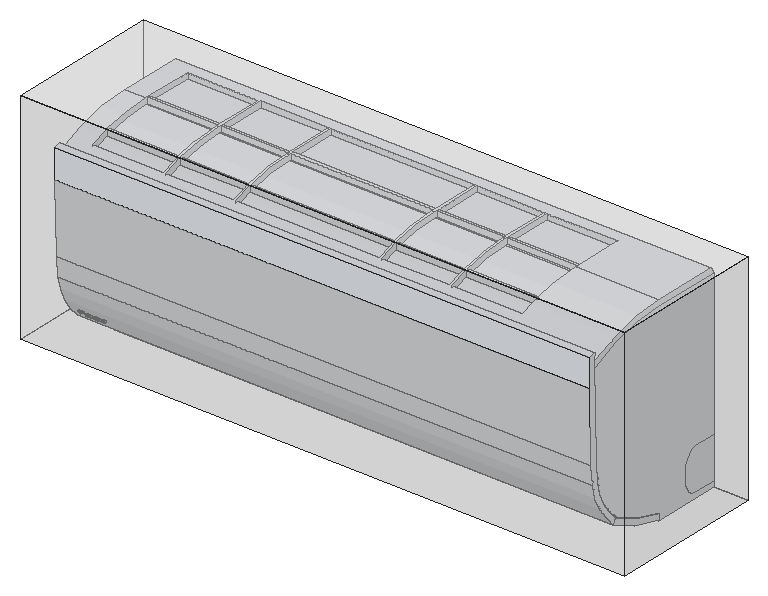
Revit family "outputfile", category 機械設備, Revit 2024
Family settings
  丸型コネクタ寸法 = 半径を使用
  パーツ タイプ = 標準
  OmniClass 番号 = 23.75.10.24.21.27.27
  OmniClass タイトル = Split System Air Conditioning Units
  作業面ベース = いいえ
  常に垂直 = はい
  ロード時にボイドで切り取り = いいえ
  注釈の向きを維持 = いいえ
  共有 = いいえ
  部屋計算ポイント = いいえ
Parameters (values of type "FTKQ50TVM")
  Description = ""
  書き出し IFC クラス(タイプ) = "IfcUnitaryEquipmentType"
  定義済み IFC タイプ(タイプ) = "AIRCONDITIONINGUNIT"
  Cost = 0
  Type Comments = ""
  Keynote = ""
  Type Image = (empty or 0)
  Assembly Code = ""
  w_wall hole = if(Width = 770.0 mm, 48.0 mm, 60.0 mm)  # 48.0 mm
  製造元 = "Daikin"
  モデル = "FTKQ50TVM"
  switch_frequency = yes
  r_Liquid Pipe Size = Liquid Pipe Size / 2  # 3.2 mm
  r_Gas Pipe Size = Gas Pipe Size / 2  # 6.35 mm
  r_Drain Pipe Size = Drain Pipe Size / 2  # 8.0 mm
  lw_powersupply [instance] = if(Width = 770.0 mm, if(or(Rear Right Connection_refrigerant, Bottom Right Connection_refrigerant), 25.0 mm, if(or(Rear Left Connection_refrigerant, Bottom Left Connection_refrigerant), 745.0 mm, 400.0 mm)), if(Width = 990.0 mm, if(or(Rear Right Connection_refrigerant, Bottom Right Connection_refrigerant), 40.0 mm, if(or(Rear Left Connection_refrigerant, Bottom Left Connection_refrigerant), 920.0 mm, 400.0 mm)), if(or(Rear Right Connection_refrigerant, Bottom Right Connection_refrigerant), 40.0 mm, if(or(Rear Left Connection_refrigerant, Bottom Left Connection_refrigerant), 920.0 mm, 400.0 mm))))  # 400.0 mm
  lw_liquidpipe [instance] = if(Width = 770.0 mm, if(or(Rear Right Connection_refrigerant, Bottom Right Connection_refrigerant), 0.0 mm, if(or(Rear Left Connection_refrigerant, Bottom Left Connection_refrigerant), 664.0 mm, 385.0 mm)), if(Width = 990.0 mm, if(or(Rear Right Connection_refrigerant, Bottom Right Connection_refrigerant), 0.0 mm, if(or(Rear Left Connection_refrigerant, Bottom Left Connection_refrigerant), 664.0 mm + (990.0 mm - 770.0 mm), 475.0 mm)), if(or(Rear Right Connection_refrigerant, Bottom Right Connection_refrigerant), 0.0 mm, if(or(Rear Left Connection_refrigerant, Bottom Left Connection_refrigerant), 664.0 mm + (990.0 mm - 770.0 mm), 475.0 mm))))  # 385.0 mm
  lw_gaspipe [instance] = if(Width = 770.0 mm, if(or(Rear Right Connection_refrigerant, Bottom Right Connection_refrigerant), 0.0 mm, if(or(Rear Left Connection_refrigerant, Bottom Left Connection_refrigerant), 675.0 mm, if(Gas Pipe Size = 12.7 mm, 345.0 mm, 335.0 mm))), if(Width = 990.0 mm, if(or(Rear Right Connection_refrigerant, Bottom Right Connection_refrigerant), 10.0 mm, if(or(Rear Left Connection_refrigerant, Bottom Left Connection_refrigerant), 890.0 mm, if(Gas Pipe Size = 15.9 mm, 410.0 mm, 400.0 mm))), if(or(Rear Right Connection_refrigerant, Bottom Right Connection_refrigerant), 10.0 mm, if(or(Rear Left Connection_refrigerant, Bottom Left Connection_refrigerant), 890.0 mm, if(Gas Pipe Size = 15.9 mm, 410.0 mm, 400.0 mm)))))  # 345.0 mm
  lw_drainpipe [instance] = if(Width = 770.0 mm, if(or(Rear Right Connection_refrigerant, Bottom Right Connection_refrigerant), 0.0 mm, if(or(Rear Left Connection_refrigerant, Bottom Left Connection_refrigerant), 770.0 mm - 48.0 mm - 48.0 mm, 440.0 mm)), if(Width = 990.0 mm, if(or(Rear Right Connection_refrigerant, Bottom Right Connection_refrigerant), 0.0 mm, if(or(Rear Left Connection_refrigerant, Bottom Left Connection_refrigerant), 675.0 mm + (990.0 mm - 770.0 mm), 435.0 mm)), if(or(Rear Right Connection_refrigerant, Bottom Right Connection_refrigerant), 0.0 mm, if(or(Rear Left Connection_refrigerant, Bottom Left Connection_refrigerant), 675.0 mm + (990.0 mm - 770.0 mm), 435.0 mm))))  # 440.0 mm
  l_powersupply_length [instance] = if(Width = 770.0 mm, if(Right Connection_refrigerant, 400.0 mm, if(Left Connection_refrigerant, 770.0 mm - 400.0 mm, if(or(Rear Left Connection_refrigerant, Rear Right Connection_refrigerant), 15.0 mm, 40.0 mm))), if(Width = 990.0 mm, if(Right Connection_refrigerant, 400.0 mm, if(Left Connection_refrigerant, 990.0 mm - 400.0 mm, if(or(Rear Left Connection_refrigerant, Rear Right Connection_refrigerant), 15.0 mm, 40.0 mm))), if(Right Connection_refrigerant, 400.0 mm, if(Left Connection_refrigerant, 990.0 mm - 400.0 mm, if(or(Rear Left Connection_refrigerant, Rear Right Connection_refrigerant), 15.0 mm, 40.0 mm)))))  # 400.0 mm
  l_liquidpipe_length [instance] = if(Width = 770.0 mm, if(Right Connection_refrigerant, 433.0 mm, if(Left Connection_refrigerant, 337.0 mm, if(or(Rear Left Connection_refrigerant, Rear Right Connection_refrigerant), 30.0 mm, 50.0 mm))), if(Width = 990.0 mm, if(Right Connection_refrigerant, 535.0 mm, if(Left Connection_refrigerant, 455.0 mm, if(or(Rear Left Connection_refrigerant, Rear Right Connection_refrigerant), 30.0 mm, 50.0 mm))), if(Right Connection_refrigerant, 535.0 mm, if(Left Connection_refrigerant, 455.0 mm, if(or(Rear Left Connection_refrigerant, Rear Right Connection_refrigerant), 30.0 mm, 50.0 mm)))))  # 433.0 mm
  l_gaspipe_length [instance] = if(Width = 770.0 mm, if(Right Connection_refrigerant, if(Gas Pipe Size = 12.7 mm, 393.0 mm, 383.0 mm), if(Left Connection_refrigerant, if(Gas Pipe Size = 12.7 mm, 770.0 mm - 393.0 mm, 770.0 mm - 383.0 mm), if(or(Rear Left Connection_refrigerant, Rear Right Connection_refrigerant), 40.0 mm, 40.0 mm))), if(Width = 990.0 mm, if(Right Connection_refrigerant, if(Gas Pipe Size = 15.9 mm, 470.0 mm, 460.0 mm), if(Left Connection_refrigerant, if(Gas Pipe Size = 15.9 mm, 990.0 mm - 470.0 mm, 990.0 mm - 460.0 mm), if(or(Rear Left Connection_refrigerant, Rear Right Connection_refrigerant), 40.0 mm, 40.0 mm))), if(Right Connection_refrigerant, if(Gas Pipe Size = 15.9 mm, 460.0 mm, 460.0 mm), if(Left Connection_refrigerant, if(Gas Pipe Size = 15.9 mm, 990.0 mm - 460.0 mm, 990.0 mm - 460.0 mm), if(or(Rear Left Connection_refrigerant, Rear Right Connection_refrigerant), 40.0 mm, 40.0 mm)))))  # 393.0 mm
  l_drainpipe_length [instance] = if(Width = 770.0 mm, if(Right Connection_refrigerant, 488.0 mm, if(Left Connection_refrigerant, 282.0 mm, if(or(Rear Left Connection_refrigerant, Rear Right Connection_refrigerant), 15.0 mm, 20.0 mm))), if(Width = 990.0 mm, if(Right Connection_refrigerant, 495.0 mm, if(Left Connection_refrigerant, 495.0 mm, if(or(Rear Left Connection_refrigerant, Rear Right Connection_refrigerant), 15.0 mm, 20.0 mm))), if(Right Connection_refrigerant, 495.0 mm, if(Left Connection_refrigerant, 495.0 mm, if(or(Rear Left Connection_refrigerant, Rear Right Connection_refrigerant), 15.0 mm, 20.0 mm)))))  # 488.0 mm
  h*** = 0.0 mm  # constant formula
  connector_voltage = Voltage_50Hz  # 230 V
  connector_powerinput = [Power Input (Cooling)]  # 1.730 kW
  connector_phase = Phase_50Hz  # 1
  angle_vertical [instance] = if(or(Bottom Left Connection_refrigerant, Bottom Right Connection_refrigerant), 0.00°, 90.00°)  # 90.00°
  angle_horizontal [instance] = if(Right Connection_refrigerant, 90.00°, if(Left Connection_refrigerant, -90.00°, if(or(Rear Left Connection_refrigerant, Rear Right Connection_refrigerant), 180.00°, 0.00°)))  # 90.00°
  Width = 770.0 mm
  Voltage_comment_60Hz = "220-230"
  Voltage_comment_50Hz = "220 - 240"
  Voltage_60Hz = 220 V
  Voltage_50Hz = 230 V
  Version = "ver.1.0"
  Unit Type = "Wall Mounted"
  Unit Mass Weight = 8.00 kg
  Unit Designation [instance] = ""
  Uniclass2015Version = "Products v1.30"
  Uniclass2015Title = "Split coil room air conditioning units"
  Uniclass2015Code = "Pr_70_65_03_86"
  URL = ""
  Total Cooling Capacity [instance] = 0.000 kW
  Sound Pressure Level_M speed (dBA) = 40
  Sound Pressure Level_L speed (dBA) = 35
  Sound Pressure Level_H speed (dBA) = 44
  Sound Power Level_H speed (dB) = 0
  Series = "Single Split_Fan Coil Unit"
  Sensible Cooling Capacity [instance] = 0.000 kW
  Refrigerant Type = "R32"
  Power Input (Cooling) = 1.730 kW
  Phase_60Hz = 1
  Phase_50Hz = 1
  Option Accessory 3 [instance] = ""
  Option Accessory 2 [instance] = ""
  Option Accessory 1 [instance] = ""
  Nominal Cooling Capacity = 5.000 kW
  Minimum Circuit Amps_60Hz = 0.0 A
  Minimum Circuit Amps_50Hz = 0.0 A
  Minimum Airflow = 534.00 m³/h
  Median Airflow = 648.00 m³/h
  Maximum Fuse Amps_60Hz = 0.0 A
  Maximum Fuse Amps_50Hz = 0.0 A
  Maximum Airflow = 762.00 m³/h
  Material_Casing = DAIKIN_ShinyWhite_Casing_indoorunit
  Load Classification = HVAC
  Liquid Pipe Size = 6.4 mm
  Link_Nested Family [instance] = ""
  IfcVersion = ""
  IfcExportType = "AIRCONDITIONINGUNIT"
  IfcExportAs = "IfcUnitaryEquipmentType"
  Height = 285.0 mm
  Heat Exchanger Type = "Cross Fin Coil"
  Gas Pipe Size = 12.7 mm
  Frequency_60Hz = 60 Hz
  Frequency_50Hz = 50 Hz
  Fan Type = "Cross Flow Fan"
  Fan Drive = "-"
  FCU Tag No. [instance] = ""
  Drain Pipe Size = 16.0 mm
  Design Supply Airflow [instance] = 0.00 m³/h
  Depth = 223.0 mm
  既定の高さ = 0.0 mm
  Cooling Entering Wet Bulb Temperature [instance] = 0.00 °C
  Cooling Entering Dry Bulb Temperature [instance] = 0.00 °C
  Cooling Ambient Wet Bulb Temperature [instance] = 0.00 °C
  Cooling Ambient Dry Bulb Temperature [instance] = 0.00 °C
  Clearance visibility [instance] = yes
  Clearance Top = 30.0 mm
  Clearance Right = 50.0 mm
  Clearance Rear = 0.0 mm
  Clearance Left = 50.0 mm
  Clearance Front = 0.0 mm
  Clearance Bottom = 0.0 mm
  Bottom Right Connection_refrigerant [instance] = no
  Bottom Left Connection_refrigerant [instance] = no
  Rear Right Connection_refrigerant [instance] = no
  Rear Left Connection_refrigerant [instance] = no
  Right Connection_refrigerant [instance] = yes
  Left Connection_refrigerant [instance] = no
Reference planes
  plane 1 "Back": y = 0
  plane 2: z = 0
  plane 3 "Center (Left/Right)": x = 0
  plane 4 "Center (Front/Back)": y = -111.5
  plane 5 "Front": y = -223
  plane 6 "Left": x = -385
  plane 7 "Right": x = 385
  plane 8 "Top": z = 0
  plane 9 "Bottom": z = -285
  plane 10: x = -435
  plane 11: x = 435
  plane 12: y = 0
  plane 13: y = -223
  plane 14: z = 30
  plane 15: z = -285
  plane 16 "lw_Piping and Wiring intake": x = 337
  plane 17 "lw_gaspipe": x = -8
  plane 18 "lw_liquidpipe": x = -48
  plane 19 "lw_drainpipe": x = -103
  plane 20 "lh_drainpipe": z = -265
  plane 21 "lh_liquidpipe": z = -235
  plane 22 "lh_gaspipe": z = -245
  plane 23 "ld_drainpipe": y = -15
  plane 24 "ld_liquidpipe": y = -30
  plane 25 "ld_gaspipe": y = -40
  plane 26 "lw_powersupply": x = -15
Dimensions and locks
  equal spacing: plane 6 "Left", plane 3 "Center (Left/Right)", plane 7 "Right"
  "Width": plane 6 "Left" to plane 7 "Right"
  equal spacing: plane 5 "Front", plane 4 "Center (Front/Back)", plane 1 "Back"
  "Depth": plane 5 "Front" to plane 1 "Back"
  "Height": plane 8 "Top" to plane 9 "Bottom"
  "Clearance Rear": plane 12 to plane 1 "Back"
  "Clearance Front": plane 13 to plane 5 "Front"
  "Clearance Top": plane 14 to plane 8 "Top"
  "Clearance Bottom": plane 9 "Bottom" to plane 15
  "w_wall hole": plane 16 "lw_Piping and Wiring intake" to plane 7 "Right"
  "lw_gaspipe": plane 17 "lw_gaspipe" to plane 16 "lw_Piping and Wiring intake"
  "lw_liquidpipe": plane 18 "lw_liquidpipe" to plane 16 "lw_Piping and Wiring intake"
  "lw_drainpipe": plane 19 "lw_drainpipe" to plane 16 "lw_Piping and Wiring intake"
  locked: plane 20 "lh_drainpipe" to plane 9 "Bottom" at 20
  locked: plane 21 "lh_liquidpipe" to plane 9 "Bottom" at 50
  locked: plane 22 "lh_gaspipe" to plane 9 "Bottom" at 40
  locked: plane 23 "ld_drainpipe" to plane 1 "Back" at 15
  locked: plane 1 "Back" to plane 24 "ld_liquidpipe" at 30
  locked: plane 1 "Back" to plane 25 "ld_gaspipe" at 40
  "lw_powersupply": plane 26 "lw_powersupply" to plane 7 "Right"
  "Clearance Left": plane 10 to plane 6 "Left"
  "Clearance Right": plane 7 "Right" to plane 11
  aligned and locked: level to plane 2
  aligned and locked: plane 12 to nested 1
  aligned and locked: nested 1 to plane 13
  aligned and locked: plane 10 to nested 1
  aligned and locked: plane 11 to nested 1
  aligned and locked: plane 15 to nested 1
  aligned and locked: plane 14 to nested 1
  aligned and locked: plane 17 "lw_gaspipe" to nested 2
  aligned and locked: nested 2 to plane 25 "ld_gaspipe"
  aligned and locked: plane 18 "lw_liquidpipe" to nested 3
  aligned and locked: nested 3 to plane 24 "ld_liquidpipe"
  aligned and locked: plane 19 "lw_drainpipe" to nested 4
  aligned and locked: nested 4 to plane 23 "ld_drainpipe"
  aligned and locked: nested 5 to plane 23 "ld_drainpipe"
  aligned and locked: plane 26 "lw_powersupply" to nested 5
  aligned and locked: level to plane 8 "Top"
  aligned and locked: plane 3 "Center (Left/Right)" to nested 6
  aligned and locked: plane 1 "Back" to nested 6
  aligned and locked: plane 8 "Top" to nested 6
Nested families
  nested 1: "daikin_clearancespace" at (0, -111.5, -127.381), show <- "Clearance visibility", visible <- "Clearance visibility", Link_Nested Family <- "Link_Nested Family", type "daikin_clearancespace"
    with width 870.0 mm, show yes, height 315.0 mm, depth 223.0 mm, Link_Nested Family ""
  nested 2: "daikin_connector_rotate3" at (-8, -40, -245), angle_vertical <- "angle_vertical", angle_horizontal <- "angle_horizontal", length <- "l_gaspipe_length", radius <- "r_Gas Pipe Size", type "daikin_connector_rotate3"
    with show no, radius 6.35 mm, length 393.0 mm, angle_vertical 90.00°, angle_horizontal 90.00°
  nested 3: "daikin_connector_rotate3" at (-48, -30, -235), angle_vertical <- "angle_vertical", angle_horizontal <- "angle_horizontal", radius <- "r_Liquid Pipe Size", length <- "l_liquidpipe_length", type "daikin_connector_rotate3"
    with show no, radius 3.2 mm, length 433.0 mm, angle_vertical 90.00°, angle_horizontal 90.00°
  nested 4: "daikin_connector_rotate3" at (-103, -15, -265), angle_vertical <- "angle_vertical", angle_horizontal <- "angle_horizontal", length <- "l_drainpipe_length", radius <- "r_Drain Pipe Size", type "daikin_connector_rotate3"
    with show no, radius 8.0 mm, length 488.0 mm, angle_vertical 90.00°, angle_horizontal 90.00°
  nested 5: "daikin_connector_rotate3" at (-15, -15, -245), angle_vertical <- "angle_vertical", angle_horizontal <- "angle_horizontal", length <- "l_powersupply_length", type "daikin_connector_rotate3"
    with show no, radius 10.0 mm, length 400.0 mm, angle_vertical 90.00°, angle_horizontal 90.00°
  nested 6: "DAIKIN_indoorunit_FTKQ-TVM" at (-31, 0, 0), type "FTKQ-TVM"
    with Width=990 no, Width=770 yes, Width 770.0 mm, WALL HOLE-R 48.0 mm, WALL HOLE Size 65.0 mm, Height 285.0 mm
Connectors
  piping at (385, -40, -245), diameter 12.7, driven by "r_Gas Pipe Size"
    settings: on nested 2, index 1, connector inside diameter 609.6 mm, connector length 0.0 mm, flow factor 0, pipe flow 0.00 m³/h, pressure drop 0.0 Pa, fitting loss kfactor 0, connector angle 0.00°, fixture units 0, engagement length 0.0 mm, angle of deflection 0.00°, flow configuration 1, flow direction 2, fitting loss method 0, system type 29, joint type 0, gender type 0, connector reference index -1, connector utility 0, adjustable connector no, is connector primary yes, connector description "Refrigerant Gas Piping"
  piping at (385, -30, -235), diameter 6.4, driven by "r_Liquid Pipe Size"
    settings: on nested 3, index 2, connector inside diameter 609.6 mm, connector length 0.0 mm, flow factor 0, pipe flow 0.00 m³/h, pressure drop 0.0 Pa, fitting loss kfactor 0, connector angle 0.00°, fixture units 0, engagement length 0.0 mm, angle of deflection 0.00°, flow configuration 1, flow direction 1, fitting loss method 0, system type 29, joint type 0, gender type 0, connector reference index -1, connector utility 0, adjustable connector no, is connector primary no, connector description "Refrigerant Liquid Piping"
  piping at (385, -15, -265), diameter 16, driven by "r_Drain Pipe Size"
    settings: on nested 4, index 3, connector inside diameter 609.6 mm, connector length 0.0 mm, flow factor 0, pipe flow 0.00 m³/h, pressure drop 0.0 Pa, fitting loss kfactor 0, connector angle 0.00°, fixture units 0, engagement length 0.0 mm, angle of deflection 0.00°, flow configuration 1, flow direction 2, fitting loss method 4, system type 16, joint type 0, gender type 0, connector reference index -1, connector utility 0, adjustable connector no, is connector primary no, connector description "Condensate Drain Piping"
  electrical at (385, -15, -245), driven by "Load Classification", driven by "connector_voltage", driven by "connector_phase", driven by "connector_powerinput"
    settings: on nested 5, index 4, voltage 230 V, apparent load 1730 VA, apparent load phase1 0 VA, apparent load phase2 0 VA, apparent load phase3 0 VA, power factor 1, load classification "HVAC", number of poles 1, system type 30, power factor state 1, is connector primary yes, connector utility no, sub classification motor no, connector description "Power Supply"
Definition of nested family "daikin_clearancespace"
  Parameters (values of type "daikin_clearancespace")
    Description = "daikin_clearancespace"
    width [instance] = 1823.963 mm
    show [instance] = yes
    material = none
    height [instance] = 1359.762 mm
    depth [instance] = 880.0 mm
    Default Elevation = 0.0 mm
    Link_Nested Family [instance] = ""
  Reference planes
    plane 1 "Center (Front/Back)": y = 0
    plane 2 "Center (Elevation)": z = -0.119
    plane 3 "Center (Left/Right)": x = 0
    plane 4: y = 440
    plane 5: y = -440
    plane 6 "Right": x = 911.982
    plane 7 "Left": x = -911.982
    plane 8 "Top": z = 679.762
    plane 9 "Bottom": z = -680
  Forms (mm)
    Extrusion 1, solid, material <- "material", visible <- "show"
      sketch origin (0, 0, 0) x (1, 0, 0) y (0, 1, 0)
        loop
          line (-911.982, 440) -> (-911.982, -440) -> (911.982, -440) -> (911.982, 440) -> (-911.982, 440)
      from -680 to 679.762
  Lines and regions (mm)
    symbolic lines, visible <- "show"
      curve 1: line (911.982, 440, 0) -> (-911.982, 440, 0)
      curve 2: line (-911.982, 440, 0) -> (-911.982, -440, 0)
      curve 3: line (-911.982, -440, 0) -> (911.982, -440, 0)
      curve 4: line (911.982, -440, 0) -> (911.982, 440, 0)
      curve 5: line (911.982, 0, 679.762) -> (-911.982, 0, 679.762)
      curve 6: line (911.982, 0, -680) -> (911.982, 0, 679.762)
      curve 7: line (-911.982, 0, -680) -> (911.982, 0, -680)
      curve 8: line (-911.982, 0, 679.762) -> (-911.982, 0, -680)
      curve 9: line (0, 440, 679.762) -> (0, -440, 679.762)
      curve 10: line (0, -440, 679.762) -> (0, -440, -680)
      curve 11: line (0, 440, -680) -> (0, 440, 679.762)
      curve 12: line (0, -440, -680) -> (0, 440, -680)
  Dimensions and locks
    "width": plane 7 "Left" to plane 6 "Right"
    "depth": plane 4 to plane 5
    "height": plane 8 "Top" to plane 9 "Bottom"
    equal spacing: plane 7 "Left", plane 3 "Center (Left/Right)", plane 6 "Right"
    equal spacing: plane 4, plane 1 "Center (Front/Back)", plane 5
    equal spacing: plane 8 "Top", plane 2 "Center (Elevation)", plane 9 "Bottom"
    aligned and locked: level to plane 2 "Center (Elevation)"
    aligned and locked: Extrusion 1 sketch curve to plane 4
    aligned and locked: plane 7 "Left" to Extrusion 1 sketch curve
    aligned and locked: Extrusion 1 sketch curve to plane 5
    aligned and locked: Extrusion 1 sketch curve to plane 6 "Right"
    aligned and locked: plane 8 "Top" to Extrusion 1
    aligned and locked: curve 1 to Extrusion 1
    aligned and locked: curve 2 to Extrusion 1
    aligned and locked: curve 3 to Extrusion 1
    aligned and locked: curve 4 to Extrusion 1
    aligned and locked: curve 5 to Extrusion 1
    aligned and locked: curve 6 to Extrusion 1
    aligned and locked: curve 7 to Extrusion 1
    aligned and locked: curve 8 to Extrusion 1
    aligned and locked: curve 9 to Extrusion 1
    aligned and locked: curve 10 to Extrusion 1
    aligned and locked: curve 11 to Extrusion 1
    aligned and locked: curve 12 to Extrusion 1
    aligned and locked: Extrusion 1 to plane 9 "Bottom"
Definition of nested family "DAIKIN_indoorunit_FTKQ-TVM"
  Parameters (values of type "FTKF-TVMA")
    Width=990 = Width = 990.0 mm  # yes
    Width=770 = Width = 770.0 mm  # no
    Width = 990.0 mm
    WALL HOLE-R = if(Width = 770.0 mm, 48.0 mm, 60.0 mm)  # 60.0 mm
    WALL HOLE Size = if(Width = 770.0 mm, 65.0 mm, 80.0 mm)  # 80.0 mm
    Material_Casing = none
    Height = if(Width = 770.0 mm, 285.0 mm, 295.0 mm)  # 295.0 mm
    Default Elevation = 0.0 mm
  Reference planes
    plane 1 "Center (Front/Back)": y = 0
    plane 2 "reference_level": z = 0
    plane 3 "Center (Left/Right)": x = 31
    plane 4: x = -464
    plane 5: x = 526
    plane 6: z = -295
  Forms (mm)
    Extrusion 1, solid, material <- "Material_Casing", visible <- "Width=770"
      sketch origin (29, 0, 0) x (0, 1, 0) y (0, 0, 1)
        loop
          line (-5, 0) -> (-98, 0)
          arc (-98, 0) -> (-157.611, -7.211) -> (-213.783, -28.427) r 250
          arc (-213.783, -28.427) -> (-213.842, -32.972) -> (-213.892, -37.516) r 2191
          arc (-213.892, -37.516) -> (-157.832, -15.495) -> (-98.07, -8) r 242
          line (-98.07, -8) -> (0, -8) -> (-5, 0)
      from -383 to 387
    Extrusion 2, solid, material <- "Material_Casing", visible <- "Width=770"
      sketch origin (416, 1296.25, 1200) x (0, 1, 0) y (0, 0, 1)
        loop
          line (-1472.998, -1446.91) -> (-1476.998, -1453.839)
          arc (-1476.998, -1453.839) -> (-1437.481, -1472.422) -> (-1395.25, -1483.538) r 240
          line (-1395.25, -1483.538) -> (-1395.25, -1475.422)
          arc (-1395.25, -1475.422) -> (-1435.407, -1464.663) -> (-1472.998, -1446.91) r 232
      from 0 to -47.5
    Extrusion 3, solid, material <- "Material_Casing", visible <- "Width=770"
      sketch origin (29, 0, 0) x (0, 1, 0) y (0, 0, 1)
        loop
          arc (-223, -60.455) -> (-222.414, -110.646) -> (-220.656, -160.81) r 2149.92
          arc (-220.656, -160.81) -> (-219.65, -174.299) -> (-217.853, -187.706) r 229.911
          arc (-217.853, -187.706) -> (-205.371, -223.594) -> (-181.517, -253.17) r 111
          line (-181.517, -253.17) -> (-177.429, -246.093)
          arc (-177.429, -246.093) -> (-198.77, -218.989) -> (-209.965, -186.36) r 103
          arc (-209.965, -186.36) -> (-211.681, -173.586) -> (-212.651, -160.735) r 221.844
          arc (-212.651, -160.735) -> (-214.739, -93.233) -> (-214.74, -25.699) r 2186.828
          arc (-214.74, -25.699) -> (-214.671, -21.467) -> (-214.594, -17.235) r 2192
          line (-214.594, -17.235) -> (-223, -19.961) -> (-223, -60.455)
      from -383 to 387
    Extrusion 4, solid, material <- "Material_Casing", visible <- "Width=770"
      sketch origin (29, 0, -20) x (0, 1, 0) y (0, 0, 1)
        loop
          line (0, -265) -> (0, 12) -> (-98.07, 12)
          arc (-98.07, 12) -> (-157.832, 4.505) -> (-213.892, -17.516) r 242
          arc (-213.892, -17.516) -> (-213.638, -79.114) -> (-211.653, -140.681) r 2191
          arc (-211.653, -140.681) -> (-210.685, -153.501) -> (-208.973, -166.243) r 221
          arc (-208.973, -166.243) -> (-197.471, -199.282) -> (-175.482, -226.491) r 102
          arc (-175.482, -226.491) -> (-138.004, -244.019) -> (-98, -254.579) r 231
          line (-98, -254.579) -> (-98, -265) -> (0, -265)
      from -383 to 387
    Extrusion 5, solid, material <- "Material_Casing", visible <- "Width=770"
      sketch origin (-354, 1296.25, 1200) x (0, 1, 0) y (0, 0, 1)
        loop
          line (-1472.998, -1446.91) -> (-1476.998, -1453.839)
          arc (-1476.998, -1453.839) -> (-1437.481, -1472.422) -> (-1395.25, -1483.538) r 240
          line (-1395.25, -1483.538) -> (-1395.25, -1475.422)
          arc (-1395.25, -1475.422) -> (-1435.407, -1464.663) -> (-1472.998, -1446.91) r 232
      from 47 to 0
    Extrusion 6, solid, material <- "Material_Casing", visible <- "Width=770"
      sketch origin (416, 1296.25, 1200) x (0, 1, 0) y (0, 0, 1)
        loop
          line (-1472.998, -1446.91) -> (-1476.998, -1453.839)
          arc (-1476.998, -1453.839) -> (-1443.437, -1470.168) -> (-1407.75, -1481.097) r 240
          line (-1407.75, -1481.097) -> (-1407.75, -1472.894)
          arc (-1407.75, -1472.894) -> (-1441.363, -1462.385) -> (-1472.998, -1446.91) r 232
      from -116.993 to -48.493
    Extrusion 7, solid, material <- "Material_Casing", visible <- "Width=770"
      sketch origin (416, 1296.25, 1200) x (0, 1, 0) y (0, 0, 1)
        loop
          line (-1472.998, -1446.91) -> (-1476.998, -1453.839)
          arc (-1476.998, -1453.839) -> (-1443.437, -1470.168) -> (-1407.75, -1481.097) r 240
          line (-1407.75, -1481.097) -> (-1407.75, -1472.894)
          arc (-1407.75, -1472.894) -> (-1441.363, -1462.385) -> (-1472.998, -1446.91) r 232
      from -717 to -121.993
    Extrusion 8, void
      sketch origin (31, 0, -235) x (1, 0, 0) y (0, 1, 0)
        loop
          line (-252.674, -22.316) -> (-354.941, -22.316) -> (-354.941, -91.341) -> (-252.674, -91.341) -> (-252.674, -22.316)
        loop
          line (-249.341, -91.341) -> (-151.574, -91.341) -> (-151.574, -22.316) -> (-249.341, -22.316) -> (-249.341, -91.341)
        loop
          line (58.309, -22.316) -> (-148.309, -22.316) -> (-148.309, -91.341) -> (58.309, -91.341) -> (58.309, -22.316)
        loop
          line (61.689, -22.316) -> (61.689, -91.341) -> (159.457, -91.341) -> (159.457, -22.316) -> (61.689, -22.316)
        loop
          line (162.789, -22.316) -> (162.789, -91.341) -> (265.057, -91.341) -> (265.057, -22.316) -> (162.789, -22.316)
        loop
          line (-354.941, -94.659) -> (-354.941, -165.259) -> (-252.674, -165.259) -> (-252.674, -94.659) -> (-354.941, -94.659)
        loop
          line (-249.341, -94.659) -> (-249.341, -165.259) -> (-151.574, -165.259) -> (-151.574, -94.659) -> (-249.341, -94.659)
        loop
          line (-148.309, -94.659) -> (-148.309, -165.259) -> (58.309, -165.259) -> (58.309, -94.659) -> (-148.309, -94.659)
        loop
          line (61.689, -94.659) -> (61.689, -165.259) -> (159.457, -165.259) -> (159.457, -94.659) -> (61.689, -94.659)
        loop
          line (162.789, -94.659) -> (162.789, -165.259) -> (265.057, -165.259) -> (265.057, -94.659) -> (162.789, -94.659)
        loop
          line (-354.941, -167.382) -> (-354.941, -192.681) -> (-252.674, -192.681) -> (-252.674, -167.382) -> (-354.941, -167.382)
        loop
          line (-249.341, -167.382) -> (-249.341, -192.681) -> (-151.574, -192.681) -> (-151.574, -167.382) -> (-249.341, -167.382)
        loop
          line (-148.309, -167.382) -> (-148.309, -192.681) -> (58.309, -192.681) -> (58.309, -167.382) -> (-148.309, -167.382)
        loop
          line (159.457, -167.382) -> (61.689, -167.382) -> (61.689, -192.681) -> (159.457, -192.681) -> (159.457, -167.382)
        loop
          line (265.057, -167.382) -> (162.789, -167.382) -> (162.789, -192.681) -> (265.057, -192.681) -> (265.057, -167.382)
      from 201.638 to 250
    Extrusion 9, solid, material <- "Material_Casing"
      sketch origin (31, 0, 0) x (1, 0, 0) y (0, 0, 1)
        loop
          circle (435, -250.5) r 40
        loop
          circle (-447, -250.5) r 40
      from 0 to 5
    Extrusion 10, solid, material <- "Material_Casing", visible <- "Width=770"
      sketch origin (416, 1296.25, 1200) x (0, -1, 0) y (0, 0, 1)
        loop
          line (1326.25, -1417) -> (1296.25, -1417) -> (1296.25, -1477) -> (1326.25, -1477)
          arc (1326.25, -1477) -> (1340.393, -1471.142) -> (1346.25, -1457) r 20
          line (1346.25, -1457) -> (1346.25, -1437)
          arc (1346.25, -1437) -> (1340.393, -1422.858) -> (1326.25, -1417) r 20
      from 0 to 5
    Extrusion 11, solid, material <- "Material_Casing", visible <- "Width=770"
      sketch origin (-354, 1296.25, 1200) x (0, 1, 0) y (0, 0, 1)
        loop
          line (-1296.25, -1417) -> (-1326.25, -1417)
          arc (-1326.25, -1417) -> (-1340.393, -1422.858) -> (-1346.25, -1437) r 20
          line (-1346.25, -1437) -> (-1346.25, -1457)
          arc (-1346.25, -1457) -> (-1340.393, -1471.142) -> (-1326.25, -1477) r 20
          line (-1326.25, -1477) -> (-1296.25, -1477) -> (-1296.25, -1417)
      from 0 to 5
    Extrusion 12, solid, material <- "Material_Casing", visible <- "Width=770"
      sketch origin (31, 0, -285) x (-1, 0, 0) y (0, -1, 0)
        loop
          line (-314, 0) -> (-314, 30)
          arc (-314, 30) -> (-319.858, 44.142) -> (-334, 50) r 20
          line (-334, 50) -> (-354, 50)
          arc (-354, 50) -> (-368.142, 44.142) -> (-374, 30) r 20
          line (-374, 30) -> (-374, 0) -> (-314, 0)
        loop
          line (374, 0) -> (374, 30)
          arc (374, 30) -> (368.142, 44.142) -> (354, 50) r 20
          line (354, 50) -> (334, 50)
          arc (334, 50) -> (319.858, 44.142) -> (314, 30) r 20
          line (314, 30) -> (314, 0) -> (374, 0)
      from 0 to 5
    Extrusion 13, solid, material <- "Material_Casing", visible <- "Width=990"
      sketch origin (31, 0, 0) x (0, 1, 0) y (0, 0, 1)
        loop
          line (-5, 0) -> (-138, 0)
          arc (-138, 0) -> (-197.611, -7.211) -> (-253.783, -28.427) r 250
          arc (-253.783, -28.427) -> (-253.838, -32.687) -> (-253.886, -36.946) r 2191
          arc (-253.886, -36.946) -> (-197.73, -15.346) -> (-138.014, -8) r 246.393
          line (-138.014, -8) -> (0, -8) -> (-5, 0)
      from -495 to 495
    Extrusion 14, solid, material <- "Material_Casing", visible <- "Width=990"
      sketch origin (418, 1296.25, 1200) x (0, 1, 0) y (0, 0, 1)
        loop
          arc (-1515.208, -1454.149) -> (-1506.856, -1460.599) -> (-1497.925, -1466.219) r 110
          arc (-1497.925, -1466.219) -> (-1445.718, -1487.493) -> (-1389.844, -1494.995) r 223
          line (-1389.844, -1494.995) -> (-1389.844, -1486.086) -> (-1404.386, -1486.086)
          arc (-1404.386, -1486.086) -> (-1449.542, -1477.46) -> (-1491.818, -1459.402) r 214.289
          arc (-1491.818, -1459.402) -> (-1501.056, -1453.541) -> (-1509.606, -1446.715) r 101
          line (-1509.606, -1446.715) -> (-1515.208, -1454.149)
      from 108 to 57.5
    Extrusion 15, solid, material <- "Material_Casing", visible <- "Width=990"
      sketch origin (31, 0, 0) x (0, 1, 0) y (0, 0, 1)
        loop
          line (-263, -19.962) -> (-263, -61.6)
          arc (-263, -61.6) -> (-262.414, -110.219) -> (-260.656, -158.81) r 2017.341
          arc (-260.656, -158.81) -> (-255.648, -191.935) -> (-244.041, -223.362) r 164.725
          arc (-244.041, -223.362) -> (-233.569, -239.793) -> (-219.717, -253.495) r 87.379
          line (-219.717, -253.495) -> (-214.706, -246.846)
          arc (-214.706, -246.846) -> (-229.564, -230.029) -> (-240.385, -210.371) r 102
          arc (-240.385, -210.371) -> (-249.049, -182.962) -> (-252.848, -154.467) r 165.789
          arc (-252.848, -154.467) -> (-254.771, -90.102) -> (-254.74, -25.708) r 2122.533
          arc (-254.74, -25.708) -> (-254.671, -21.469) -> (-254.594, -17.23) r 2192
          line (-254.594, -17.23) -> (-263, -19.962)
      from -495 to 495
    Extrusion 16, void
      sketch origin (33, 0, 0) x (1, 0, 0) y (0, 1, 0)
        loop
          line (-466.909, -22.316) -> (-466.909, -111.341) -> (-366.303, -111.341) -> (-366.303, -22.316) -> (-466.909, -22.316)
        loop
          line (-362.71, -22.316) -> (-362.71, -111.341) -> (-262.103, -111.341) -> (-262.103, -22.316) -> (-362.71, -22.316)
        loop
          line (-258.51, -22.316) -> (-258.51, -111.341) -> (-157.904, -111.341) -> (-157.904, -22.316) -> (-258.51, -22.316)
        loop
          line (-154.31, -22.316) -> (-154.31, -111.341) -> (-53.704, -111.341) -> (-53.704, -22.316) -> (-154.31, -22.316)
        loop
          line (-50.11, -22.316) -> (-50.11, -111.341) -> (50.496, -111.341) -> (50.496, -22.316) -> (-50.11, -22.316)
        loop
          line (54.089, -22.316) -> (54.089, -111.341) -> (154.696, -111.341) -> (154.696, -22.316) -> (54.089, -22.316)
        loop
          line (158.289, -22.316) -> (158.289, -111.341) -> (258.895, -111.341) -> (258.895, -22.316) -> (158.289, -22.316)
        loop
          line (262.489, -22.316) -> (262.489, -111.341) -> (363.095, -111.341) -> (363.095, -22.316) -> (262.489, -22.316)
        loop
          line (-466.909, -114.459) -> (-466.909, -185.059) -> (-366.303, -185.059) -> (-366.303, -114.459) -> (-466.909, -114.459)
        loop
          line (-362.71, -114.459) -> (-362.71, -185.059) -> (-262.103, -185.059) -> (-262.103, -114.459) -> (-362.71, -114.459)
        loop
          line (-258.51, -114.459) -> (-258.51, -185.059) -> (-157.904, -185.059) -> (-157.904, -114.459) -> (-258.51, -114.459)
        loop
          line (-154.31, -114.459) -> (-154.31, -185.059) -> (-53.704, -185.059) -> (-53.704, -114.459) -> (-154.31, -114.459)
        loop
          line (-50.11, -114.459) -> (-50.11, -185.059) -> (50.496, -185.059) -> (50.496, -114.459) -> (-50.11, -114.459)
        loop
          line (54.089, -114.459) -> (54.089, -185.059) -> (154.696, -185.059) -> (154.696, -114.459) -> (54.089, -114.459)
        loop
          line (158.289, -114.459) -> (158.289, -185.059) -> (258.895, -185.059) -> (258.895, -114.459) -> (158.289, -114.459)
        loop
          line (262.489, -114.459) -> (262.489, -185.059) -> (363.095, -185.059) -> (363.095, -114.459) -> (262.489, -114.459)
        loop
          line (-466.909, -187.382) -> (-466.909, -232.681) -> (-366.303, -232.681) -> (-366.303, -187.382) -> (-466.909, -187.382)
        loop
          line (-362.71, -187.382) -> (-362.71, -232.681) -> (-262.103, -232.681) -> (-262.103, -187.382) -> (-362.71, -187.382)
        loop
          line (-258.51, -187.382) -> (-258.51, -232.681) -> (-157.904, -232.681) -> (-157.904, -187.382) -> (-258.51, -187.382)
        loop
          line (-154.31, -187.382) -> (-154.31, -232.681) -> (-53.704, -232.681) -> (-53.704, -187.382) -> (-154.31, -187.382)
        loop
          line (-50.11, -187.382) -> (-50.11, -232.681) -> (50.496, -232.681) -> (50.496, -187.382) -> (-50.11, -187.382)
        loop
          line (54.089, -187.382) -> (54.089, -232.681) -> (154.696, -232.681) -> (154.696, -187.382) -> (54.089, -187.382)
        loop
          line (158.289, -187.382) -> (158.289, -232.681) -> (258.895, -232.681) -> (258.895, -187.382) -> (158.289, -187.382)
        loop
          line (262.489, -187.382) -> (262.489, -232.681) -> (363.095, -232.681) -> (363.095, -187.382) -> (262.489, -187.382)
      from -40.013 to 47.268
    Extrusion 17, solid, material <- "Material_Casing", visible <- "Width=990"
      sketch origin (-356, 1296.25, 1200) x (0, 1, 0) y (0, 0, -1)
        loop
          line (-1515.208, 1454.149) -> (-1509.606, 1446.715)
          arc (-1509.606, 1446.715) -> (-1501.056, 1453.541) -> (-1491.818, 1459.402) r 101
          arc (-1491.818, 1459.402) -> (-1449.542, 1477.46) -> (-1404.386, 1486.086) r 214.289
          line (-1404.386, 1486.086) -> (-1389.844, 1486.086) -> (-1389.844, 1494.995)
          arc (-1389.844, 1494.995) -> (-1445.718, 1487.493) -> (-1497.925, 1466.219) r 223
          arc (-1497.925, 1466.219) -> (-1506.856, 1460.599) -> (-1515.208, 1454.149) r 110
      from 108 to 61
    Extrusion 18, solid, material <- "Material_Casing", visible <- "Width=990"
      sketch origin (418, 1296.25, 1200) x (0, 1, 0) y (0, 0, 1)
        loop
          arc (-1515.208, -1454.149) -> (-1506.856, -1460.599) -> (-1497.925, -1466.219) r 110
          arc (-1497.925, -1466.219) -> (-1463.185, -1482.066) -> (-1426.25, -1491.755) r 223
          line (-1426.25, -1491.755) -> (-1426.25, -1483.166)
          arc (-1426.25, -1483.166) -> (-1460.008, -1473.969) -> (-1491.818, -1459.402) r 214.289
          arc (-1491.818, -1459.402) -> (-1501.056, -1453.541) -> (-1509.606, -1446.715) r 101
          line (-1509.606, -1446.715) -> (-1515.208, -1454.149)
      from 56.5 to -36.993
    Extrusion 19, solid, material <- "Material_Casing", visible <- "Width=990"
      sketch origin (418, 1296.25, 1200) x (0, 1, 0) y (0, 0, 1)
        loop
          arc (-1426.25, -1483.166) -> (-1443.442, -1479.224) -> (-1460.25, -1473.881) r 214.289
          line (-1460.25, -1473.881) -> (-1460.25, -1483.089)
          arc (-1460.25, -1483.089) -> (-1443.421, -1488.091) -> (-1426.25, -1491.755) r 223
          line (-1426.25, -1491.755) -> (-1426.25, -1483.166)
      from -43.493 to -828.893
    Extrusion 20, solid, material <- "Material_Casing", visible <- "Width=990"
      sketch origin (418, 1296.25, 1200) x (0, 1, 0) y (0, 0, 1)
        loop
          arc (-1515.208, -1454.149) -> (-1506.856, -1460.599) -> (-1497.925, -1466.219) r 110
          arc (-1497.925, -1466.219) -> (-1479.479, -1475.527) -> (-1460.25, -1483.089) r 223
          line (-1460.25, -1483.089) -> (-1460.25, -1473.881)
          arc (-1460.25, -1473.881) -> (-1476.328, -1467.282) -> (-1491.818, -1459.402) r 214.289
          arc (-1491.818, -1459.402) -> (-1501.056, -1453.541) -> (-1509.606, -1446.715) r 101
          line (-1509.606, -1446.715) -> (-1515.208, -1454.149)
      from -43.493 to -828.893
    Extrusion 21, solid, material <- "Material_Casing", visible <- "Width=990"
      sketch origin (31, 0, -30) x (0, 1, 0) y (0, 0, 1)
        loop
          line (0, 22) -> (-138.014, 22)
          arc (-138.014, 22) -> (-197.73, 14.654) -> (-253.886, -6.946) r 246.393
          arc (-253.886, -6.946) -> (-253.682, -65.635) -> (-251.855, -124.295) r 2120.935
          arc (-251.855, -124.295) -> (-248.086, -152.682) -> (-239.461, -179.988) r 164.789
          arc (-239.461, -179.988) -> (-228.903, -199.231) -> (-214.437, -215.738) r 101
          line (-214.437, -215.738) -> (-212.406, -216.221)
          arc (-212.406, -216.221) -> (-204.07, -222.837) -> (-195.079, -228.53) r 100
          arc (-195.079, -228.53) -> (-145.557, -248.629) -> (-92.593, -255.785) r 213.289
          line (-92.593, -255.785) -> (-92.593, -265) -> (0, -265) -> (0, 22)
      from -495 to 495
    Extrusion 22, solid, material <- "Material_Casing", visible <- "Width=990"
      sketch origin (526, 1296.25, 1200) x (0, -1, 0) y (0, 0, 1)
        loop
          line (1326.25, -1427.035) -> (1296.25, -1427.035) -> (1296.25, -1487.035) -> (1326.25, -1487.035)
          arc (1326.25, -1487.035) -> (1340.393, -1481.177) -> (1346.25, -1467.035) r 20
          line (1346.25, -1467.035) -> (1346.25, -1447.035)
          arc (1346.25, -1447.035) -> (1340.393, -1432.892) -> (1326.25, -1427.035) r 20
      from 0 to 5
    Extrusion 23, solid, material <- "Material_Casing", visible <- "Width=990"
      sketch origin (-459, 1296.25, 1200) x (0, -1, 0) y (0, 0, 1)
        loop
          line (1326.25, -1427.035) -> (1296.25, -1427.035) -> (1296.25, -1487.035) -> (1326.25, -1487.035)
          arc (1326.25, -1487.035) -> (1340.393, -1481.177) -> (1346.25, -1467.035) r 20
          line (1346.25, -1467.035) -> (1346.25, -1447.035)
          arc (1346.25, -1447.035) -> (1340.393, -1432.892) -> (1326.25, -1427.035) r 20
      from 0 to 5
    Extrusion 24, solid, material <- "Material_Casing", visible <- "Width=990"
      sketch origin (31, 200, -295) x (-1, 0, 0) y (0, -1, 0)
        loop
          line (469, 200) -> (469, 230)
          arc (469, 230) -> (463.142, 244.142) -> (449, 250) r 20
          line (449, 250) -> (429, 250)
          arc (429, 250) -> (414.858, 244.142) -> (409, 230) r 20
          line (409, 230) -> (409, 200) -> (469, 200)
        loop
          line (-469, 200) -> (-409, 200) -> (-409, 230)
          arc (-409, 230) -> (-414.858, 244.142) -> (-429, 250) r 20
          line (-429, 250) -> (-449, 250)
          arc (-449, 250) -> (-463.142, 244.142) -> (-469, 230) r 20
          line (-469, 230) -> (-469, 200)
      from 0 to 5
  Cuts and joins
    Extrusion 8 cuts Extrusion 1
    Extrusion 16 cuts Extrusion 13
  Lines and regions (mm)
    reference lines
      curve 1: line (-523, -201.911, -229.404) -> (-523, -193.542, -239.977)
      curve 2: line (-523, -240.779, -229.404) -> (-523, -232.411, -239.977)
  Dimensions and locks
    locked: Extrusion 10 sketch curve to Extrusion 10 sketch curve at 60
    locked: Extrusion 10 sketch curve to Extrusion 10 sketch curve at 50
    locked: Extrusion 12 sketch curve to Extrusion 12 sketch curve at 60  (x2)
    locked: Extrusion 12 sketch curve to Extrusion 12 sketch curve at 50
    equal spacing: plane 5, plane 3 "Center (Left/Right)", plane 4
    "Width": plane 5 to plane 4
    locked: Extrusion 9 sketch curve to plane 4 at 48
    "WALL HOLE-R": plane 5 to Extrusion 9 sketch curve
    "Height": plane 2 "reference_level" to plane 6
    locked: Extrusion 9 sketch curve to plane 6 at 44.5  (x2)
    locked: Extrusion 15 to nested 2 at 15
    locked: Extrusion 22 sketch curve to Extrusion 22 sketch curve at 60
    locked: Extrusion 22 sketch curve to Extrusion 22 sketch curve at 50
    locked: Extrusion 23 sketch curve to Extrusion 23 sketch curve at 60
    locked: Extrusion 23 sketch curve to Extrusion 23 sketch curve at 50
    locked: Extrusion 24 sketch curve to Extrusion 24 sketch curve at 60  (x2)
    locked: Extrusion 24 sketch curve to Extrusion 24 sketch curve at 50  (x2)
    "WALL HOLE Size": diameter of Extrusion 9 sketch curve  (x2)
    aligned and locked: level to plane 2 "reference_level"
    aligned and locked: nested 1 to curve 1
    aligned and locked: Extrusion 11 sketch curve to Extrusion 10  (x4)
    aligned and locked: Extrusion 12 sketch curve to Extrusion 12 sketch curve  (x2)
    aligned and locked: Extrusion 9 to plane 1 "Center (Front/Back)"
    aligned and locked: nested 2 to curve 2
  Automatic sketch dimensions
    curve 1 to level = 239.977 mm
    plane 1 "Center (Front/Back)" to curve 1 = 193.542 mm
    curve 2 to curve 1 = 0.0 mm
    curve 2 to curve 2 = 10.573 mm
    curve 1 to curve 1 = 10.573 mm
    curve 1 to curve 1 = 8.368 mm
    curve 1 to curve 2 = 30.5 mm
    curve 2 to curve 2 = 8.368 mm
    Extrusion 1 sketch curve to level = 0.0 mm
    Extrusion 1 sketch curve to plane 1 "Center (Front/Back)" = 0.0 mm
    plane 1 "Center (Front/Back)" to Extrusion 1 sketch curve = 5.0 mm
    plane 1 "Center (Front/Back)" to Extrusion 1 sketch curve = 98.0 mm
    Extrusion 1 sketch curve to Extrusion 1 sketch curve = 0.07 mm
    Extrusion 1 sketch curve to level = 59.292 mm
    Extrusion 1 sketch curve to plane 1 "Center (Front/Back)" = 1977.0 mm
    Extrusion 1 sketch curve to level = 250.0 mm
    Extrusion 1 sketch curve to Extrusion 1 sketch curve = 0.0 mm
    Extrusion 1 sketch curve to level = 8.0 mm
    Extrusion 1 sketch curve to level = 28.427 mm
    plane 1 "Center (Front/Back)" to Extrusion 2 sketch curve = 180.748 mm
    Extrusion 2 sketch curve to Extrusion 2 sketch curve = 4.0 mm
    Extrusion 2 sketch curve to Extrusion 2 sketch curve = 77.747 mm
    plane 1 "Center (Front/Back)" to Extrusion 2 sketch curve = 59.279 mm
    Extrusion 2 sketch curve to Extrusion 2 sketch curve = 0.0 mm
    Extrusion 2 sketch curve to level = 283.538 mm
    Extrusion 2 sketch curve to Extrusion 2 sketch curve = 8.116 mm
    Extrusion 2 sketch curve to Extrusion 2 sketch curve = 21.583 mm
    Extrusion 2 sketch curve to Extrusion 2 sketch curve = 6.929 mm
    Extrusion 3 sketch curve to level = 19.961 mm
    plane 1 "Center (Front/Back)" to Extrusion 3 sketch curve = 223.0 mm
    Extrusion 3 sketch curve to level = 17.235 mm
    Extrusion 3 sketch curve to Extrusion 3 sketch curve = 8.406 mm
    plane 1 "Center (Front/Back)" to Extrusion 3 sketch curve = 181.517 mm
    Extrusion 3 sketch curve to Extrusion 3 sketch curve = 4.087 mm
    Extrusion 3 sketch curve to Extrusion 3 sketch curve = 69.11 mm
    Extrusion 3 sketch curve to Extrusion 3 sketch curve = 0.001 mm
    Extrusion 3 sketch curve to plane 1 "Center (Front/Back)" = 8.955 mm
    Extrusion 3 sketch curve to Extrusion 3 sketch curve = 0.067 mm
    Extrusion 3 sketch curve to level = 60.455 mm
    Extrusion 3 sketch curve to Extrusion 3 sketch curve = 1917.898 mm
    Extrusion 3 sketch curve to Extrusion 3 sketch curve = 44.907 mm
    Extrusion 3 sketch curve to Extrusion 3 sketch curve = 5.172 mm
    Extrusion 3 sketch curve to level = 150.456 mm
    Extrusion 3 sketch curve to Extrusion 3 sketch curve = 0.006 mm
    Extrusion 3 sketch curve to Extrusion 3 sketch curve = 19.265 mm
    Extrusion 3 sketch curve to Extrusion 3 sketch curve = 0.004 mm
    Extrusion 3 sketch curve to Extrusion 3 sketch curve = 76.368 mm
    Extrusion 3 sketch curve to Extrusion 3 sketch curve = 7.077 mm
    Extrusion 3 sketch curve to Extrusion 3 sketch curve = 1.002 mm
    Extrusion 3 sketch curve to Extrusion 3 sketch curve = 0.046 mm
    Extrusion 3 sketch curve to Extrusion 3 sketch curve = 8.005 mm
    Extrusion 3 sketch curve to Extrusion 3 sketch curve = 0.147 mm
    Extrusion 3 sketch curve to Extrusion 3 sketch curve = 0.0 mm
    Extrusion 4 sketch curve to plane 1 "Center (Front/Back)" = 0.0 mm
    plane 1 "Center (Front/Back)" to Extrusion 4 sketch curve = 59.278 mm
    Extrusion 4 sketch curve to Extrusion 4 sketch curve = 98.0 mm
    Extrusion 4 sketch curve to Extrusion 4 sketch curve = 0.0 mm  (x3)
    Extrusion 4 sketch curve to level = 8.0 mm
    Extrusion 4 sketch curve to Extrusion 4 sketch curve = 38.791 mm
    Extrusion 4 sketch curve to Extrusion 4 sketch curve = 10.249 mm
    Extrusion 4 sketch curve to plane 1 "Center (Front/Back)" = 9.11 mm
    Extrusion 4 sketch curve to level = 59.292 mm
    Extrusion 4 sketch curve to Extrusion 4 sketch curve = 1967.89 mm
    Extrusion 4 sketch curve to Extrusion 4 sketch curve = 142.454 mm
    Extrusion 4 sketch curve to Extrusion 4 sketch curve = 19.271 mm
    Extrusion 4 sketch curve to Extrusion 4 sketch curve = 80.275 mm
    Extrusion 4 sketch curve to Extrusion 4 sketch curve = 24.579 mm
    Extrusion 4 sketch curve to Extrusion 4 sketch curve = 10.421 mm
    Extrusion 4 sketch curve to level = 46.847 mm
    Extrusion 4 sketch curve to Extrusion 4 sketch curve = 77.412 mm
    Extrusion 4 sketch curve to Extrusion 4 sketch curve = 33.49 mm
    Extrusion 4 sketch curve to Extrusion 4 sketch curve = 2.68 mm
    plane 1 "Center (Front/Back)" to Extrusion 5 sketch curve = 180.748 mm
    Extrusion 5 sketch curve to Extrusion 5 sketch curve = 4.0 mm
    Extrusion 5 sketch curve to Extrusion 5 sketch curve = 77.747 mm
    plane 1 "Center (Front/Back)" to Extrusion 5 sketch curve = 59.279 mm
    Extrusion 5 sketch curve to Extrusion 5 sketch curve = 0.0 mm
    Extrusion 5 sketch curve to level = 283.538 mm
    Extrusion 5 sketch curve to Extrusion 5 sketch curve = 8.116 mm
    Extrusion 5 sketch curve to Extrusion 5 sketch curve = 21.583 mm
    Extrusion 5 sketch curve to Extrusion 5 sketch curve = 6.929 mm
    plane 1 "Center (Front/Back)" to Extrusion 6 sketch curve = 180.748 mm
    Extrusion 6 sketch curve to Extrusion 6 sketch curve = 4.0 mm
    Extrusion 6 sketch curve to Extrusion 6 sketch curve = 65.247 mm
    plane 1 "Center (Front/Back)" to Extrusion 6 sketch curve = 59.279 mm
    Extrusion 6 sketch curve to Extrusion 6 sketch curve = 0.0 mm
    Extrusion 6 sketch curve to level = 281.097 mm
    Extrusion 6 sketch curve to Extrusion 6 sketch curve = 8.203 mm
    Extrusion 6 sketch curve to Extrusion 6 sketch curve = 19.055 mm
    Extrusion 6 sketch curve to Extrusion 6 sketch curve = 6.929 mm
    plane 1 "Center (Front/Back)" to Extrusion 7 sketch curve = 180.748 mm
    Extrusion 7 sketch curve to Extrusion 7 sketch curve = 4.0 mm
    Extrusion 7 sketch curve to Extrusion 7 sketch curve = 65.247 mm
    plane 1 "Center (Front/Back)" to Extrusion 7 sketch curve = 59.279 mm
    Extrusion 7 sketch curve to Extrusion 7 sketch curve = 0.0 mm
    Extrusion 7 sketch curve to level = 281.097 mm
    Extrusion 7 sketch curve to Extrusion 7 sketch curve = 8.203 mm
    Extrusion 7 sketch curve to Extrusion 7 sketch curve = 19.055 mm
    Extrusion 7 sketch curve to Extrusion 7 sketch curve = 6.929 mm
    plane 1 "Center (Front/Back)" to Extrusion 8 sketch curve = 165.259 mm  (x2)
    Extrusion 8 sketch curve to plane 3 "Center (Left/Right)" = 354.941 mm
    plane 1 "Center (Front/Back)" to Extrusion 8 sketch curve = 22.316 mm  (x3)
    Extrusion 8 sketch curve to Extrusion 8 sketch curve = 0.0 mm  (x26)
    Extrusion 8 sketch curve to Extrusion 8 sketch curve = 102.268 mm  (x2)
    Extrusion 8 sketch curve to Extrusion 8 sketch curve = 3.332 mm  (x4)
    Extrusion 8 sketch curve to Extrusion 8 sketch curve = 97.768 mm  (x2)
    Extrusion 8 sketch curve to Extrusion 8 sketch curve = 3.264 mm  (x3)
    plane 3 "Center (Left/Right)" to Extrusion 8 sketch curve = 58.309 mm
    Extrusion 8 sketch curve to Extrusion 8 sketch curve = 3.38 mm  (x3)
    Extrusion 8 sketch curve to Extrusion 8 sketch curve = 2.124 mm  (x6)
    Extrusion 8 sketch curve to Extrusion 8 sketch curve = 25.299 mm  (x2)
    Extrusion 8 sketch curve to Extrusion 8 sketch curve = 70.6 mm
    Extrusion 8 sketch curve to Extrusion 8 sketch curve = 3.317 mm  (x4)
    Extrusion 10 sketch curve to plane 1 "Center (Front/Back)" = 0.0 mm
    Extrusion 10 sketch curve to Extrusion 10 sketch curve = 20.0 mm  (x2)
    Extrusion 10 sketch curve to level = 277.0 mm
    plane 1 "Center (Front/Back)" to Extrusion 12 sketch curve = 0.0 mm
    plane 3 "Center (Left/Right)" to Extrusion 12 sketch curve = 374.0 mm
    Extrusion 12 sketch curve to Extrusion 12 sketch curve = 20.0 mm  (x3)
    plane 1 "Center (Front/Back)" to Extrusion 12 sketch curve = 30.0 mm
    Extrusion 12 sketch curve to plane 3 "Center (Left/Right)" = 314.0 mm
    Extrusion 13 sketch curve to level = 0.0 mm
    Extrusion 13 sketch curve to plane 1 "Center (Front/Back)" = 0.0 mm
    plane 1 "Center (Front/Back)" to Extrusion 13 sketch curve = 5.0 mm
    Extrusion 13 sketch curve to Extrusion 13 sketch curve = 133.0 mm
    Extrusion 13 sketch curve to Extrusion 13 sketch curve = 0.013 mm
    Extrusion 13 sketch curve to level = 59.292 mm
    Extrusion 13 sketch curve to plane 1 "Center (Front/Back)" = 1937.0 mm
    Extrusion 13 sketch curve to Extrusion 13 sketch curve = 250.0 mm
    Extrusion 13 sketch curve to Extrusion 13 sketch curve = 4.393 mm
    Extrusion 13 sketch curve to level = 8.0 mm
    Extrusion 13 sketch curve to level = 28.427 mm
    plane 1 "Center (Front/Back)" to Extrusion 14 sketch curve = 218.957 mm
    Extrusion 14 sketch curve to Extrusion 14 sketch curve = 5.601 mm
    Extrusion 14 sketch curve to Extrusion 14 sketch curve = 65.735 mm
    Extrusion 14 sketch curve to Extrusion 14 sketch curve = 1.462 mm
    plane 1 "Center (Front/Back)" to Extrusion 14 sketch curve = 108.136 mm
    Extrusion 14 sketch curve to Extrusion 14 sketch curve = 14.543 mm
    plane 1 "Center (Front/Back)" to Extrusion 14 sketch curve = 92.093 mm
    Extrusion 14 sketch curve to Extrusion 14 sketch curve = 1.354 mm
    Extrusion 14 sketch curve to level = 294.995 mm
    Extrusion 14 sketch curve to Extrusion 14 sketch curve = 8.909 mm
    Extrusion 14 sketch curve to Extrusion 14 sketch curve = 31.937 mm
    Extrusion 14 sketch curve to Extrusion 14 sketch curve = 7.433 mm
    Extrusion 14 sketch curve to Extrusion 14 sketch curve = 75.403 mm
    Extrusion 14 sketch curve to Extrusion 14 sketch curve = 0.896 mm
    Extrusion 14 sketch curve to level = 72.504 mm
    Extrusion 14 sketch curve to Extrusion 14 sketch curve = 0.504 mm
    Extrusion 15 sketch curve to level = 19.962 mm
    plane 1 "Center (Front/Back)" to Extrusion 15 sketch curve = 263.0 mm
    Extrusion 15 sketch curve to level = 17.23 mm
    Extrusion 15 sketch curve to Extrusion 15 sketch curve = 8.406 mm
    Extrusion 15 sketch curve to Extrusion 15 sketch curve = 43.283 mm
    Extrusion 15 sketch curve to Extrusion 15 sketch curve = 5.011 mm
    Extrusion 15 sketch curve to Extrusion 15 sketch curve = 49.129 mm
    Extrusion 15 sketch curve to Extrusion 15 sketch curve = 19.417 mm
    Extrusion 15 sketch curve to Extrusion 15 sketch curve = 50.037 mm
    Extrusion 15 sketch curve to Extrusion 15 sketch curve = 8.89 mm
    Extrusion 15 sketch curve to level = 61.6 mm
    Extrusion 15 sketch curve to plane 1 "Center (Front/Back)" = 1754.341 mm
    Extrusion 15 sketch curve to level = 58.909 mm
    Extrusion 15 sketch curve to Extrusion 15 sketch curve = 113.192 mm
    Extrusion 15 sketch curve to Extrusion 15 sketch curve = 69.467 mm
    Extrusion 15 sketch curve to level = 146.886 mm
    Extrusion 15 sketch curve to Extrusion 15 sketch curve = 3.987 mm
    Extrusion 15 sketch curve to Extrusion 15 sketch curve = 20.44 mm
    Extrusion 15 sketch curve to Extrusion 15 sketch curve = 13.597 mm
    Extrusion 15 sketch curve to Extrusion 15 sketch curve = 61.936 mm
    Extrusion 15 sketch curve to Extrusion 15 sketch curve = 6.649 mm
    Extrusion 15 sketch curve to level = 59.438 mm
    Extrusion 15 sketch curve to Extrusion 15 sketch curve = 0.0 mm
    Extrusion 15 sketch curve to Extrusion 15 sketch curve = 0.147 mm
    Extrusion 15 sketch curve to Extrusion 15 sketch curve = 7.808 mm
    plane 1 "Center (Front/Back)" to Extrusion 16 sketch curve = 22.316 mm  (x6)
    Extrusion 16 sketch curve to plane 3 "Center (Left/Right)" = 464.909 mm
    Extrusion 16 sketch curve to Extrusion 16 sketch curve = 0.0 mm  (x27)
    Extrusion 16 sketch curve to Extrusion 16 sketch curve = 100.606 mm  (x7)
    Extrusion 16 sketch curve to Extrusion 16 sketch curve = 3.594 mm  (x16)
    Extrusion 16 sketch curve to plane 3 "Center (Left/Right)" = 51.704 mm
    plane 3 "Center (Left/Right)" to Extrusion 16 sketch curve = 52.496 mm  (x2)
    Extrusion 16 sketch curve to Extrusion 16 sketch curve = 89.026 mm  (x6)
    Extrusion 16 sketch curve to Extrusion 16 sketch curve = 3.117 mm  (x8)
    Extrusion 16 sketch curve to Extrusion 16 sketch curve = 70.6 mm  (x7)
    Extrusion 16 sketch curve to Extrusion 16 sketch curve = 2.324 mm  (x8)
    Extrusion 16 sketch curve to Extrusion 16 sketch curve = 45.299 mm  (x7)
    plane 1 "Center (Front/Back)" to Extrusion 17 sketch curve = 218.957 mm
    Extrusion 17 sketch curve to Extrusion 17 sketch curve = 5.601 mm
    Extrusion 17 sketch curve to Extrusion 17 sketch curve = 65.735 mm
    Extrusion 17 sketch curve to Extrusion 17 sketch curve = 1.462 mm
    plane 1 "Center (Front/Back)" to Extrusion 17 sketch curve = 108.136 mm
    Extrusion 17 sketch curve to Extrusion 17 sketch curve = 14.543 mm
    plane 1 "Center (Front/Back)" to Extrusion 17 sketch curve = 92.093 mm
    Extrusion 17 sketch curve to Extrusion 17 sketch curve = 1.354 mm
    Extrusion 17 sketch curve to level = 72.0 mm
    Extrusion 17 sketch curve to Extrusion 17 sketch curve = 0.504 mm
    Extrusion 17 sketch curve to Extrusion 17 sketch curve = 98.416 mm
    Extrusion 17 sketch curve to Extrusion 17 sketch curve = 0.896 mm
    Extrusion 17 sketch curve to Extrusion 17 sketch curve = 76.3 mm
    Extrusion 17 sketch curve to Extrusion 17 sketch curve = 7.433 mm
    Extrusion 17 sketch curve to Extrusion 17 sketch curve = 26.684 mm
    Extrusion 17 sketch curve to Extrusion 17 sketch curve = 8.909 mm
    plane 1 "Center (Front/Back)" to Extrusion 18 sketch curve = 218.957 mm
    Extrusion 18 sketch curve to Extrusion 18 sketch curve = 5.601 mm
    Extrusion 18 sketch curve to Extrusion 18 sketch curve = 65.735 mm
    Extrusion 18 sketch curve to Extrusion 18 sketch curve = 1.462 mm
    Extrusion 18 sketch curve to Extrusion 18 sketch curve = 83.356 mm
    plane 1 "Center (Front/Back)" to Extrusion 18 sketch curve = 92.093 mm
    Extrusion 18 sketch curve to Extrusion 18 sketch curve = 1.354 mm
    Extrusion 18 sketch curve to level = 291.755 mm
    Extrusion 18 sketch curve to Extrusion 18 sketch curve = 8.588 mm
    Extrusion 18 sketch curve to Extrusion 18 sketch curve = 29.018 mm
    Extrusion 18 sketch curve to Extrusion 18 sketch curve = 7.433 mm
    Extrusion 18 sketch curve to Extrusion 18 sketch curve = 75.403 mm
    Extrusion 18 sketch curve to Extrusion 18 sketch curve = 0.896 mm
    Extrusion 18 sketch curve to level = 72.504 mm
    Extrusion 18 sketch curve to Extrusion 18 sketch curve = 0.504 mm
    plane 1 "Center (Front/Back)" to Extrusion 19 sketch curve = 164.0 mm
    Extrusion 19 sketch curve to Extrusion 19 sketch curve = 34.0 mm
    plane 1 "Center (Front/Back)" to Extrusion 19 sketch curve = 92.093 mm
    Extrusion 19 sketch curve to Extrusion 19 sketch curve = 1.354 mm
    Extrusion 19 sketch curve to level = 291.755 mm
    Extrusion 19 sketch curve to Extrusion 19 sketch curve = 8.588 mm
    Extrusion 19 sketch curve to Extrusion 19 sketch curve = 0.077 mm
    Extrusion 19 sketch curve to Extrusion 19 sketch curve = 9.207 mm
    plane 1 "Center (Front/Back)" to Extrusion 20 sketch curve = 218.957 mm
    Extrusion 20 sketch curve to Extrusion 20 sketch curve = 5.601 mm
    Extrusion 20 sketch curve to Extrusion 20 sketch curve = 49.356 mm
    Extrusion 20 sketch curve to Extrusion 20 sketch curve = 65.735 mm
    Extrusion 20 sketch curve to Extrusion 20 sketch curve = 1.462 mm
    plane 1 "Center (Front/Back)" to Extrusion 20 sketch curve = 92.093 mm
    Extrusion 20 sketch curve to Extrusion 20 sketch curve = 1.354 mm
    Extrusion 20 sketch curve to level = 283.089 mm
    Extrusion 20 sketch curve to Extrusion 20 sketch curve = 9.207 mm
    Extrusion 20 sketch curve to Extrusion 20 sketch curve = 19.733 mm
    Extrusion 20 sketch curve to Extrusion 20 sketch curve = 7.433 mm
    Extrusion 20 sketch curve to Extrusion 20 sketch curve = 75.403 mm
    Extrusion 20 sketch curve to Extrusion 20 sketch curve = 0.896 mm
    Extrusion 20 sketch curve to level = 72.504 mm
    Extrusion 20 sketch curve to Extrusion 20 sketch curve = 0.504 mm
    Extrusion 21 sketch curve to Extrusion 21 sketch curve = 0.0 mm  (x4)
    Extrusion 21 sketch curve to plane 1 "Center (Front/Back)" = 0.0 mm
    plane 1 "Center (Front/Back)" to Extrusion 21 sketch curve = 87.233 mm
    Extrusion 21 sketch curve to Extrusion 21 sketch curve = 3.506 mm
    Extrusion 21 sketch curve to Extrusion 21 sketch curve = 92.593 mm
    Extrusion 21 sketch curve to Extrusion 21 sketch curve = 45.42 mm
    Extrusion 21 sketch curve to Extrusion 21 sketch curve = 58.927 mm
    Extrusion 21 sketch curve to Extrusion 21 sketch curve = 74.393 mm
    Extrusion 21 sketch curve to Extrusion 21 sketch curve = 2.031 mm
    Extrusion 21 sketch curve to level = 58.927 mm
    Extrusion 21 sketch curve to plane 1 "Center (Front/Back)" = 1866.935 mm
    Extrusion 21 sketch curve to level = 72.504 mm
    Extrusion 21 sketch curve to Extrusion 21 sketch curve = 74.381 mm
    Extrusion 21 sketch curve to Extrusion 21 sketch curve = 24.427 mm
    Extrusion 21 sketch curve to Extrusion 21 sketch curve = 74.426 mm
    Extrusion 21 sketch curve to Extrusion 21 sketch curve = 0.483 mm
    Extrusion 21 sketch curve to Extrusion 21 sketch curve = 4.137 mm
    Extrusion 21 sketch curve to Extrusion 21 sketch curve = 31.393 mm
    Extrusion 21 sketch curve to Extrusion 21 sketch curve = 9.215 mm
    Extrusion 21 sketch curve to level = 8.0 mm
